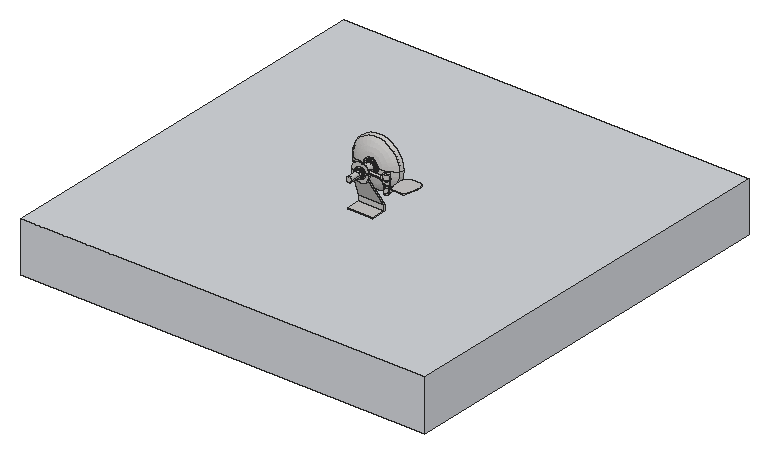
Revit family
Parameters (values of type "S0440-AS")
  Waste Connection = yes
  WFU = 0
  Voltage = 0
  Vent Connection = no
  URL = "http://www.acornsafety.com"
  Type Comments = ""
  Tempered Water Connection = no
  TMV8 - Thermostatic mixing valve is ASSE Listed per the ASSE 1071 standard. The tepid output water complies with ANSI Z358.1 standard. = no
  SPV - Scald protection valve = no
  SDC - Stainless steel dust covers = no
  Revised Date = "07/08/12"
  Phone# = "626-336-4561"
  PT1 - P-trap, chrome plated brass with 1-1/4" OD waste outlet = no
  Model = "S0440-AS"
  Material = Stainless Steel
  Manufacturer = "Acorn Safety"
  MS1 - MAP (magnetically actuated proximity) switch, for one (1) actuator = no
  LWB - Less wall bracket = no
  HWFU = 0
  HW Connection = no
  FPV - Freeze protection valve = no
  FLW2 - Flow switch, single pole = no
  Designed By = "ATS BIM Team"
  Description = "Wall Mounted Eye/Face Wash, All Stainless Steel"
  Default Elevation = 42"
  CWFU = 0
  CW Connection = yes
  CS1 - Stainless steel "clam shell" cover = no
  BF - Barrier free, handicap accessible = no
  Assembly Code = ""
  Amperage = 0
  "1" - Auxiliary hand-held drench hose with a self-closing valve (Use model S0441-AS) = no
Reference planes (in)
  plane 1 "Center (Front/Back)": y = 0
  plane 2: z = 0
  plane 3 "Center (Left/Right)": x = 0
  plane 4: z = 8.625
  plane 5: z = 5.5
  plane 6: x = 5.375
  plane 7: through (1.55014, -30.98079, 188.625) normal (0.9397, -0.342, 0)
  plane 8: through (-1.55014, -30.98079, 188.625) normal (0.9397, 0.342, 0)
  plane 9: y = -42
  plane 10: y = -1.625
  plane 11: y = -10.375
  plane 12: y = -6
  plane 13: x = -5.87646
Forms (in)
  Extrusion 1, solid
    sketch origin (0, 0, 0) x (1, 0, 0) y (0, 1, 0)
      loop
        line (-48, 48) -> (-48, -48) -> (48, -48) -> (48, 48) -> (-48, 48)
    from 0 to -12
  Sweep 2, solid, material "Stainless Steel" <- "Material"
    path origin (-60, -6.9558, 8.64981) x (1, 0, 0) y (0, 1, 0)
      loop
        line (57.00731, 5.63196) -> (63.00731, 5.63196)
    profile origin (0.00731, -1.32384, 8.64981) x (0, 1, 0) y (0, 0, 1)
      loop
        circle (0, 0) r 0.1875
  Revolve 3, solid, material "Stainless Steel" <- "Material"
    sketch origin (-60, -7.79778, 8.64981) x (1, 0, 0) y (0, 1, 0)
      loop
        arc (60, 7.03276) -> (59.73106, 6.9776) -> (59.51646, 6.80639) r 0.58813
        arc (59.51646, 6.80639) -> (59.48221, 6.74315) -> (59.47037, 6.67222) r 0.21833
        line (59.47037, 6.67222) -> (59.47037, 6.25676) -> (60, 6.25676) -> (60, 7.03276)
      axis (60, 6.25676) -> (60, 7.03276)
    angle from 0 to 360
  Extrusion 4, solid, material "Stainless Steel" <- "Material"
    sketch origin (0, -8.44409, 8.64981) x (0, 0, 1) y (1, 0, 0)
      loop
        circle (0, 0) r 0.53405
    from 4.90676 to 7.16301
  Revolve 5, solid, material "Stainless Steel" <- "Material"
    sketch origin (-45.12791, -45.44376, 8.625) x (-0.939693, 0.34202, 0) y (-0.34202, -0.939693, 0)
      loop
        line (-24.4214, -56.33842) -> (-24.8189, -56.33842) -> (-24.8189, -56.45978) -> (-25.1814, -56.82228) -> (-25.1814, -56.97228) -> (-24.4214, -56.97228) -> (-24.4214, -56.33842)
      axis (-24.4214, -56.33842) -> (-24.4214, -56.97228)
    angle from 0 to 360
  Revolve 6, solid, material "Stainless Steel" <- "Material"
    sketch origin (0, -41.00122, 8.625) x (1, 0, 0) y (0, 1, 0)
      loop
        line (-1.42667, 37.37892) -> (-1.42667, 37.09732) -> (0, 37.09732) -> (0, 37.61872) -> (-1.18688, 37.61872)
        arc (-1.18688, 37.61872) -> (-1.35644, 37.54848) -> (-1.42667, 37.37892) r 0.23979
      axis (0, 37.09732) -> (0, 37.61872)
    angle from 0 to 360
  Revolve 7, solid, material "Stainless Steel" <- "Material"
    sketch origin (0, -0.97361, 8.625) x (1, 0, 0) y (0, 1, 0)
      loop
        line (-2.91043, 0.11803) -> (-3.16695, -0.58674) -> (-2.93202, -0.67224) -> (-2.67551, 0.03253) -> (-2.91043, 0.11803)
      axis (-3.16695, -0.58674) -> (-2.91043, 0.11803)
    angle from 0 to 360
  Revolve 8, solid, material "Stainless Steel" <- "Material"
    sketch origin (0, -0.97361, 8.625) x (-1, 0, 0) y (0, -1, 0)
      loop
        line (-2.91043, -0.11803) -> (-2.67551, -0.03253) -> (-2.93202, 0.67224) -> (-3.16695, 0.58674) -> (-2.91043, -0.11803)
      axis (-3.16695, 0.58674) -> (-2.91043, -0.11803)
    angle from 0 to 360
  Revolve 9, solid, material "Stainless Steel" <- "Material"
    sketch origin (45.12791, -45.44376, 8.625) x (0.939693, 0.34202, 0) y (-0.34202, 0.939693, 0)
      loop
        line (-24.4214, 56.33842) -> (-24.4214, 56.97228) -> (-25.1814, 56.97228) -> (-25.1814, 56.82228) -> (-24.8189, 56.45978) -> (-24.8189, 56.33842) -> (-24.4214, 56.33842)
      axis (-24.4214, 56.33842) -> (-24.4214, 56.97228)
    angle from 0 to 360
  Sweep 10, solid, material "Stainless Steel" <- "Material"
    path origin (0, -1.625, -3) x (0, 1, 0) y (0, 0, 1)
      loop
        line (-5.125, 11.625) -> (-8.75, 11.625)
    profile origin (0, -8.5625, 8.625) x (0, 0, -1) y (1, 0, 0)
      loop
        circle (0, 0) r 0.625
  Revolve 11, solid, material "Stainless Steel" <- "Material"
    sketch origin (0, -1.625, 8.625) x (1, 0, 0) y (0, 1, 0)
      loop
        line (0, -2.32968) -> (-1.6311, -2.32968)
        arc (-1.6311, -2.32968) -> (-1.61035, -2.33922) -> (-1.60164, -2.36033) r 0.03125
        line (-1.60164, -2.36033) -> (-1.6006, -2.41988)
        arc (-1.6006, -2.41988) -> (-1.59223, -2.44062) -> (-1.57214, -2.45045) r 0.03125
        line (-1.57214, -2.45045) -> (-1.37075, -2.46807) -> (-1.3125, -2.49485) -> (-1.3125, -2.74535)
        arc (-1.3125, -2.74535) -> (-1.29493, -2.78778) -> (-1.2525, -2.80535) r 0.06
        line (-1.2525, -2.80535) -> (-1.06, -2.80535)
        arc (-1.06, -2.80535) -> (-1.01757, -2.82293) -> (-1, -2.86535) r 0.06
        line (-1, -2.86535) -> (-1, -5.2991)
        arc (-1, -5.2991) -> (-0.98169, -5.3433) -> (-0.9375, -5.3616) r 0.0625
        line (-0.9375, -5.3616) -> (-2.12227, -5.3616) -> (-2.12227, -5.4846) -> (-1.208, -5.4846) -> (-1.23, -5.5066) -> (-1.23, -5.5726) -> (-1.208, -5.5946) -> (-0.88864, -5.5946) -> (-0.88864, -5.77969) -> (-0.77351, -5.78129) -> (-0.8364, -5.81762) -> (-0.76442, -5.85919) -> (-0.83853, -5.90201) -> (-0.76194, -5.94625) -> (-0.8318, -5.9866) -> (-0.8725, -5.9866) -> (-0.8725, -6.1186) -> (-0.75392, -6.1186) -> (-0.84276, -6.16992) -> (-0.8875, -6.16992) -> (-0.8875, -6.35128)
        arc (-0.8875, -6.35128) -> (-0.83572, -6.42913) -> (-0.76802, -6.49361) r 0.42036
        line (-0.76802, -6.49361) -> (0, -6.49361) -> (0, -2.32968)
      axis (0, -6.49361) -> (0, -2.32968)
    angle from 0 to 360
  Revolve 12, solid, material "Stainless Steel" <- "Material"
    sketch origin (0, -1.625, 8.625) x (1, 0, 0) y (0, 1, 0)
      loop
        arc (-5.60187, -0.75443) -> (-3.85502, -1.86466) -> (-1.83814, -2.32968) r 6.125
        line (-1.83814, -2.32968) -> (0, -2.32968) -> (0, -2.2789) -> (-1.83669, -2.2789)
        arc (-1.83669, -2.2789) -> (-3.83029, -1.81996) -> (-5.55846, -0.72522) r 6.07422
        line (-5.55846, -0.72522) -> (-5.82242, 0) -> (-5.87646, 0) -> (-5.60187, -0.75443)
      axis (0, -2.32968) -> (0, 0)
    angle from 0 to 360
  Revolve 13, solid, material "Stainless Steel" <- "Material"
    sketch origin (0, -2.3242, 8.625) x (1, 0, 0) y (0, 1, 0)
      loop
        arc (1.05924, -4.1121) -> (1.01669, -4.12781) -> (1.00052, -4.17019) r 0.05484
        arc (1.00052, -4.17019) -> (0.91578, -3.92832) -> (0.88302, -3.67413) r 1.22956
        line (0.88302, -3.67413) -> (6.05564, -3.67413)
        arc (6.05564, -3.67413) -> (5.7098, -4.25204) -> (5.03698, -4.22226) r 0.6573
        arc (5.03698, -4.22226) -> (5.01202, -4.21128) -> (4.98485, -4.2091) r 0.0818
        line (4.98485, -4.2091) -> (4.41846, -4.2091)
        arc (4.41846, -4.2091) -> (4.34107, -4.1771) -> (4.309, -4.09973) r 0.10938
        line (4.309, -4.09973) -> (4.309, -4.0116) -> (1.125, -4.0116) -> (1.125, -4.05166)
        arc (1.125, -4.05166) -> (1.10741, -4.09405) -> (1.065, -4.1116) r 0.06
      axis (0.88302, -3.67413) -> (6.05564, -3.67413)
    angle from 0 to 360
  Revolve 14, solid, material "Stainless Steel" <- "Material"
    sketch origin (-0.024, -5.99833, -3.12565) x (1, 0, 0) y (0, 0, 1)
      loop
        line (5.399, 12.839) -> (5.399, 8.62565) -> (5.804, 8.62565)
        arc (5.804, 8.62565) -> (5.87471, 8.65494) -> (5.904, 8.72565) r 0.1
        line (5.904, 8.72565) -> (5.904, 9.06306) -> (5.964, 9.0977) -> (5.964, 9.98206) -> (5.93836, 10.0077) -> (5.924, 10.03988)
        arc (5.924, 10.03988) -> (5.91698, 10.05916) -> (5.89921, 10.06942) r 0.03
        arc (5.89921, 10.06942) -> (5.88039, 10.07807) -> (5.86822, 10.09485) r 0.04087
        line (5.86822, 10.09485) -> (5.86822, 10.12924)
        arc (5.86822, 10.12924) -> (5.87421, 10.14786) -> (5.89067, 10.15845) r 0.0289
        arc (5.89067, 10.15845) -> (5.90742, 10.16895) -> (5.914, 10.1876) r 0.03
        line (5.914, 10.1876) -> (5.914, 10.59534)
        arc (5.914, 10.59534) -> (5.89564, 10.63944) -> (5.8515, 10.6577) r 0.0625
        line (5.8515, 10.6577) -> (5.819, 10.6577) -> (5.819, 10.749) -> (5.86775, 10.749) -> (6.05525, 10.9365) -> (6.05498, 12.839) -> (5.399, 12.839)
      axis (5.399, 12.839) -> (5.399, 8.62565)
    angle from 0 to 360
  Extrusion 15, solid, material "Stainless Steel" <- "Material"
    sketch origin (0, -2.3242, -3) x (1, 0, 0) y (0, 1, 0)
      loop
        line (6.2846, -0.66921) -> (6.2846, -4.1741) -> (6.488, -4.1741) -> (9.57746, -4.1741)
        arc (9.57746, -4.1741) -> (9.80604, -4.09647) -> (9.93994, -3.89561) r 0.375
        line (9.93994, -3.89561) -> (10.62602, -1.30609)
        arc (10.62602, -1.30609) -> (10.65111, -1.17911) -> (10.6596, -1.04996) r 1
        line (10.6596, -1.04996) -> (10.6596, -0.30006)
        arc (10.6596, -0.30006) -> (10.29382, 0.58444) -> (9.4096, 0.9509) r 1.25
        line (9.4096, 0.9509) -> (7.738, 0.9509)
        arc (7.738, 0.9509) -> (6.85412, 0.58478) -> (6.488, -0.2991) r 1.25
        arc (6.488, -0.2991) -> (6.47803, -0.37484) -> (6.4488, -0.44541) r 0.29261
        line (6.4488, -0.44541) -> (6.31111, -0.61234)
        arc (6.31111, -0.61234) -> (6.29155, -0.63784) -> (6.2846, -0.66921) r 0.07423
    from 10.1183 to 10.2277
  Revolve 16, solid, material "Stainless Steel" <- "Material"
    sketch origin (0, -5.99835, -3) x (1, 0, 0) y (0, 0, 1)
      loop
        line (6.13144, 10.1733) -> (6.09114, 10.1733) -> (6.09114, 9.19049) -> (6.209, 9.19049) -> (6.224, 9.22124) -> (6.224, 9.9927) -> (6.19418, 10.00789) -> (6.1615, 10.02756) -> (6.1615, 10.14337)
        arc (6.1615, 10.14337) -> (6.15267, 10.16456) -> (6.13144, 10.1733) r 0.03
      axis (6.09114, 9.19049) -> (6.09114, 10.1733)
    angle from 0 to 360
  Sweep 17, solid, material "Stainless Steel" <- "Material"
    path origin (0, -1.625, 0) x (0, 1, 0) y (0, 0, 1)
      loop
        line (-5.53103, 0) -> (-2.03103, 0) -> (-2.03103, 1.40673)
    profile origin (0, -5.40603, 0) x (0, 0, 1) y (1, 0, 0)
      loop
        line (0, -3) -> (0.125, -3) -> (0.125, 3) -> (0, 3) -> (0, -3)
  Extrusion 18, solid, material "Stainless Steel" <- "Material"
    sketch origin (0, 7.38741, 2.18751) x (1, 0, 0) y (0, -0.461749, 0.887011)
      loop
        line (1.85674, 11.625) -> (-1.85674, 11.625) -> (-3, 4.40673) -> (3, 4.40673) -> (1.85674, 11.625)
    from 10.15617 to 10.28117
  Extrusion 19, solid, material "Stainless Steel" <- "Material"
    sketch origin (-0.024, -2.32422, 2.44532) x (1, 0, 0) y (0, 1, 0)
      loop
        circle (5.399, -3.67413) r 0.25
    from 3.08593 to 3.05468
  Extrusion 20, solid, material "Stainless Steel" <- "Material"
    sketch origin (0, -2.3242, -3) x (1, 0, 0) y (0, 0, 1)
      loop
        arc (6.22222, 9.1745) -> (6.277, 9.1835) -> (6.32605, 9.20949) r 0.1719
        arc (6.32605, 9.20949) -> (6.37608, 9.26998) -> (6.394, 9.3464) r 0.1719
        line (6.394, 9.3464) -> (6.41663, 9.36903) -> (6.611, 9.36903) -> (6.611, 9.94638) -> (6.394, 9.94638) -> (6.394, 10.0243)
        arc (6.394, 10.0243) -> (6.42153, 10.09077) -> (6.488, 10.1183) r 0.094
        line (6.488, 10.1183) -> (6.488, 10.2277)
        arc (6.488, 10.2277) -> (6.34417, 10.16813) -> (6.2846, 10.0243) r 0.2034
        line (6.2846, 10.0243) -> (6.2846, 9.7667) -> (6.224, 9.7667) -> (6.224, 9.5487) -> (6.2846, 9.5487) -> (6.2846, 9.34649)
        arc (6.2846, 9.34649) -> (6.26699, 9.30292) -> (6.224, 9.28393) r 0.0625
        line (6.224, 9.28393) -> (6.02308, 9.28393) -> (6.02308, 9.1745) -> (6.22222, 9.1745)
    from 4.1741 to 3.10815
Cuts and joins
  joined: Sweep 2, Revolve 3, Revolve 7, Revolve 8
  joined: Extrusion 4, Revolve 6, Sweep 10, Revolve 11, Revolve 12
  joined: Revolve 13, Revolve 14
  joined: Extrusion 15, Revolve 16, Extrusion 20
Dimensions and locks (in)
  plane 4 to Extrusion 1 = 8 5/8"
  plane 5 to Extrusion 1 = 5 1/2"
  locked: plane 3 "Center (Left/Right)" to plane 6 at 5.375
  plane 9 to plane 1 "Center (Front/Back)" = 42"  (x2)
  locked: plane 9 to plane 11 at 31.625
  locked: plane 9 to plane 12 at 36
  locked: plane 10 to plane 9 at 40.375
  aligned and locked: plane 2 to Extrusion 1
  aligned and locked: level to Extrusion 1
Connectors (in)
  piping at (5.375, -5.99835, 5.5)
    settings: on Extrusion 19, index 11
  piping at (0, -10.375, 8.625)
    settings: on Sweep 10, index 12
